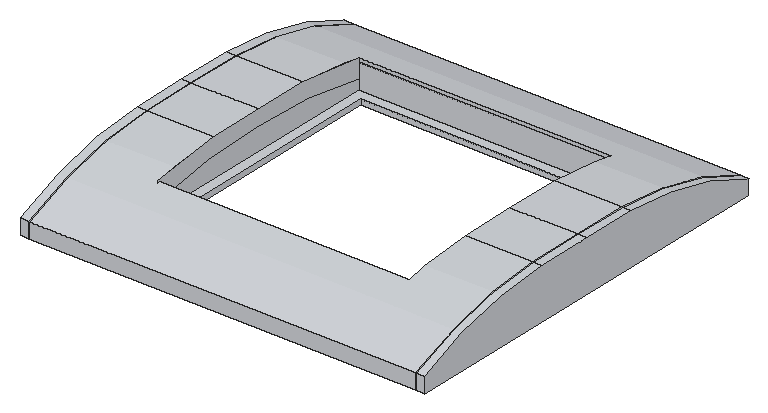
Revit family "Gira_100206", category Electrical Fixtures, host Face, Revit 2017
Family settings
  Host = Face
  Maintain Annotation Orientation = No
  Round Connector Dimension = Use Diameter
  Part Type = Normal
  Cut with Voids When Loaded = No
  Shared = No
  Room Calculation Point = No
Parameters (values of type "Abdeckrahmen 2f o.M. Zwischenr. AN Gira Event F Alu")
  Werkstoffgüte = "Thermoplast"
  Werkstoff = "Kunststoff"
  URL = "http://katalog.gira.de/de_DE/datenblatt.html?artikelnr=100206"
  Transparent = "No"
  Textfeld/Beschriftungsfläche = "No"
  Schutzart (IP) = "IP20"
  Region = "DE"
  Oberfläche = "sonstige"
  Name = "Abdeckrahmen 2f o.M. Zwischenr. AN Gira Event F Alu"
  Montagerichtung = "horizontal und vertikal"
  Mit Montagerahmen = "No"
  Mit Klappdeckel = "No"
  Manufacturer URL = "https://www.gira.de/"
  Keynote = "Event_Rahmen_2fach o.Mittelsteg"
  HeinzeBIM = "https://bimportal.heinze.de/bim/abdeckrahmen-2f-o-m-zwischenr-an-gira-event-f-alu/816db3748ed4783d3105ea91f6b3364926a0ceb1"
  Halogenfrei = "Yes"
  HAN = "100206"
  Geeignet für Unterputz-Installation = "Yes"
  Geeignet für Unterflurkanaldose = "No"
  Geeignet für Geräteeinbaukanal = "No"
  Geeignet für Einbauinstallation = "No"
  GTIN = "4010337002062"
  Farbe = "aluminium"
  Default Elevation = 1219.2 mm
  Data sheet (1) = "https://katalog.gira.de/de_DE/download.html?artikelnr=100206"
  Category = "Abdeckrahmen"
  Befestigungsart = "Klemmbefestigung"
  Available = "Yes"
  Anzahl der Einheiten vertikal = "2 "
  Anzahl der Einheiten horizontal = "2 "
  Anzahl der Einheiten = "2 "
Reference planes
  plane 1 "Center (Front/Back)": y = 0
  plane 2: z = 0
  plane 3 "Center (Left/Right)": x = 0
Forms (mm)
  Extrusion 1, solid, detail levels fine
    sketch origin (0, 0, 1.55) x (0, 1, 0) y (0, 0, 1)
      loop
        arc (12.445, 9.683) -> (6.223, 9.833) -> (0, 9.85) r 291.636
        arc (0, 9.85) -> (-6.223, 9.833) -> (-12.445, 9.683) r 291.636
        arc (-12.445, 9.683) -> (-29.14, 7.482) -> (-45, 1.823) r 79.728
        line (-45, 1.823) -> (-45, -1.55) -> (-41.777, -1.55) -> (-41.777, -0.55)
        arc (-41.777, -0.55) -> (-21.205, 4.846) -> (0, 6.467) r 118.15
        arc (0, 6.467) -> (21.205, 4.846) -> (41.777, -0.55) r 118.15
        line (41.777, -0.55) -> (41.777, -1.55) -> (45, -1.55) -> (45, 1.823)
        arc (45, 1.823) -> (29.14, 7.482) -> (12.445, 9.683) r 79.728
    from -43 to 43
  Extrusion 2, void, detail levels fine
    sketch origin (0, 0, 0) x (1, 0, 0) y (0, 1, 0)
      loop
        line (-28, -28) -> (28, -28) -> (28, 28) -> (-28, 28) -> (-28, -28)
    from 2.85 to 12
  Extrusion 3, solid, detail levels coarse
    sketch origin (0, 0, 0) x (1, 0, 0) y (0, 1, 0)
      loop
        line (-45, 45) -> (-45, -45) -> (45, -45) -> (45, 45) -> (-45, 45)
    from 0 to 11.4
  Extrusion 4, solid, detail levels medium
    sketch origin (0, 0, 1.55) x (0, 1, 0) y (0, 0, 1)
      loop
        arc (12.445, 9.683) -> (6.223, 9.833) -> (0, 9.85) r 291.636
        arc (0, 9.85) -> (-6.223, 9.833) -> (-12.445, 9.683) r 291.636
        arc (-12.445, 9.683) -> (-29.14, 7.482) -> (-45, 1.823) r 79.728
        line (-45, 1.823) -> (-45, -1.55) -> (45, -1.55) -> (45, 1.823)
        arc (45, 1.823) -> (29.14, 7.482) -> (12.445, 9.683) r 79.728
    from -45 to 45
  Extrusion 5, solid, detail levels fine
    sketch origin (0, 0, 0) x (0, 1, 0) y (0, 0, 1)
      loop
        arc (45, 3.373) -> (29.14, 9.032) -> (12.445, 11.233) r 79.728
        arc (12.445, 11.233) -> (6.223, 11.383) -> (0, 11.4) r 291.636
        arc (0, 11.4) -> (-6.223, 11.383) -> (-12.445, 11.233) r 291.636
        arc (-12.445, 11.233) -> (-29.14, 9.032) -> (-45, 3.373) r 79.728
        line (-45, 3.373) -> (-45, 0) -> (45, 0) -> (45, 3.373)
    from 43 to 45
  Extrusion 6, solid, detail levels fine
    sketch origin (0, 0, 0) x (0, 1, 0) y (0, 0, -1)
      loop
        line (45, -3.373) -> (45, 0) -> (-45, 0) -> (-45, -3.373)
        arc (-45, -3.373) -> (-29.14, -9.032) -> (-12.445, -11.233) r 79.728
        arc (-12.445, -11.233) -> (-6.223, -11.383) -> (0, -11.4) r 291.636
        arc (0, -11.4) -> (6.223, -11.383) -> (12.445, -11.233) r 291.636
        arc (12.445, -11.233) -> (29.14, -9.032) -> (45, -3.373) r 79.728
    from 43 to 45
  Extrusion 7, solid, detail levels fine
    sketch origin (0, 0, 0) x (1, 0, 0) y (0, 1, 0)
      loop
        line (-25.7, 25.7) -> (-25.7, -25.7) -> (25.7, -25.7) -> (25.7, 25.7) -> (-25.7, 25.7)
      loop
        line (-29.495, 27.895) -> (-29.495, -27.895)
        spline (-29.495, -27.895) -> (-29.486, -28.025) -> (-29.461, -28.154) -> (-29.419, -28.278) -> (-29.361, -28.395) -> (-29.288, -28.504) -> (-29.202, -28.602) -> (-29.104, -28.688) -> (-28.995, -28.761) -> (-28.878, -28.819) -> (-28.754, -28.861) -> (-28.625, -28.886) -> (-28.495, -28.895)
        line (-28.495, -28.895) -> (28.495, -28.895)
        spline (28.495, -28.895) -> (28.625, -28.886) -> (28.754, -28.861) -> (28.878, -28.819) -> (28.995, -28.761) -> (29.104, -28.688) -> (29.202, -28.602) -> (29.288, -28.504) -> (29.361, -28.395) -> (29.419, -28.278) -> (29.461, -28.154) -> (29.486, -28.025) -> (29.495, -27.895)
        line (29.495, -27.895) -> (29.495, 27.895)
        spline (29.495, 27.895) -> (29.486, 28.025) -> (29.461, 28.154) -> (29.419, 28.278) -> (29.361, 28.395) -> (29.288, 28.504) -> (29.202, 28.602) -> (29.104, 28.688) -> (28.995, 28.761) -> (28.878, 28.819) -> (28.754, 28.861) -> (28.625, 28.886) -> (28.495, 28.895)
        line (28.495, 28.895) -> (-28.495, 28.895)
        spline (-28.495, 28.895) -> (-28.625, 28.886) -> (-28.754, 28.861) -> (-28.878, 28.819) -> (-28.995, 28.761) -> (-29.104, 28.688) -> (-29.202, 28.602) -> (-29.288, 28.504) -> (-29.361, 28.395) -> (-29.419, 28.278) -> (-29.461, 28.154) -> (-29.486, 28.025) -> (-29.495, 27.895)
    from 1.673 to 8.5
Cuts and joins
  Extrusion 2 cuts Extrusion 1
  Extrusion 2 cuts Extrusion 7
Dimensions and locks
  aligned and locked: plane 2 to host face
  aligned and locked: level to host face
